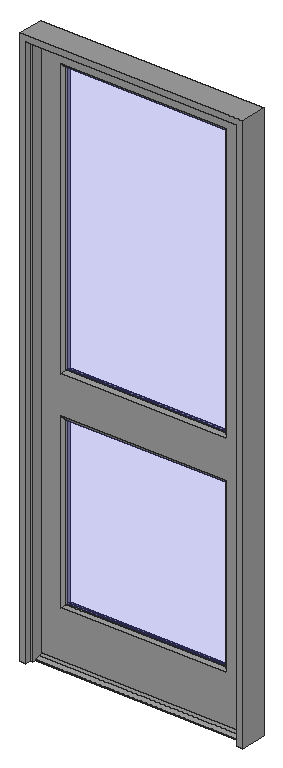
Revit family "MS-375 PIVOT DOOR-0.25-CW_v05", category Curtain Panels, Revit 2015
Parameters
  Width [instance] = 3' - 2"
  URL = "obe.com"
  Rough Width [instance] = 3' - 2"
  Panel Width [instance] = [Min-Max Panel Width]  # 3' - 0"
  Panel Offset [instance] = 0' - 0"
  Offset [instance] = 0' - 1"
  Model = "MS-375 DOOR"
  Min-Max Rough Width [instance] = if(and((Rough Width > 3' 1 255/256"), (Rough Width < 3' 8 1/256")), Rough Width, 3' 2")  # 3' - 2"
  Min-Max Panel Width [instance] = if(and((Rough Width > 3' 1 255/256"), (Rough Width < 3' 8 1/256")), Rough Width - 0' 2", 3' 0")  # 3' - 0"
  Manufacturer = "Oldcastle BuildingEnvelope®"
  Keynote = "08 11 00"
  Height [instance] = 8' - 0"
  Pushbar Height [instance] = 3' - 5 1/4"  # constant formula
  Glass Material = Glass
  Frame Material = Aluminum
  Door Panel Height [instance] = Height - 0' 0 19/32"  # 7' - 11 13/32"
  Description = "MS-375 - 1/4\" Door Infill"
  Assembly Code = "B2030"
  Analytic Construction = "<None>"
  8 Muntin [instance] = no
  6.5 Muntin [instance] = yes
  10 Bottom Rail [instance] = not([8 Bottom Rail])  # no
  4 Muntin [instance] = no
  8 Bottom Rail [instance] = yes
  1.875 Muntin [instance] = no
  0.5 Muntin [instance] = if(or([1.875 Muntin], [4 Muntin], [6.5 Muntin], [8 Muntin]), 1 = 2, 1 = 1)  # no
Reference planes (in)
  plane 1 "Front": y = 0
  plane 2: z = 0
  plane 3 "Center (Left/Right)": x = 0
  plane 4 "Left": x = -19
  plane 5 "Right": x = 19
  plane 6 "Top": z = 96
  plane 7 "Offset": y = -1
  plane 8: y = -2.28244
  plane 9: y = -2.28244
  plane 10: x = -19
  plane 11: x = 19
Forms (in)
  Sweep 1, solid, material "Aluminum" <- "Frame Material"
    path origin (0, -1, 0) x (-1, 0, 0) y (0, 0, 1)
      loop
        line (19, 0) -> (19, 96)
    profile origin (-19, -1, 48) x (1, 0, 0) y (0, 1, 0)
      loop
        line (1, -1.97) -> (1, 0) -> (0, 0) -> (0, -4.5) -> (1, -4.5) -> (1, -3.595) -> (1.5, -3.595) -> (1.5, -1.97) -> (1, -1.97)
  Sweep 2, solid, material "Aluminum" <- "Frame Material"
    path origin (0, -1, 0) x (-1, 0, 0) y (0, 0, 1)
      loop
        line (-19, 0) -> (-19, 96)
    profile origin (19, -1, 48) x (1, 0, 0) y (0, 1, 0)
      loop
        line (-1, -1.97) -> (-1.5, -1.97) -> (-1.5, -3.595) -> (-1, -3.595) -> (-1, -4.5) -> (0, -4.5) -> (0, 0) -> (-1, 0) -> (-1, -1.97)
  Extrusion 3, solid, material "Aluminum" <- "Frame Material"
    sketch origin (-19, 0, 0) x (0, -1, 0) y (0, 0, 1)
      loop
        line (2.97, 94.5) -> (4.595, 94.5) -> (4.595, 95) -> (5.5, 95) -> (5.5, 96) -> (1, 96) -> (1, 95) -> (2.97, 95) -> (2.97, 94.5)
    from -38 to 0
Cuts and joins
  joined: Sweep 1, Sweep 2, Extrusion 3
Text (in)
  text "Exterior" at (-54.29358, 31.38743, 0), in view "Ref. Level"
  text "Exterior" at (480, 41.53993, 89.60405), in view "Right"
  text "Exterior" at (-240, 57.82419, 105.78864), in view "Left"
Dimensions and locks (in)
  equal spacing: plane 4 "Left", plane 3 "Center (Left/Right)", plane 5 "Right"
  "Width": plane 4 "Left" to plane 5 "Right"
  "Height": plane 6 "Top" to plane 2
  "Offset": plane 1 "Front" to plane 7 "Offset"
  locked: plane 7 "Offset" to plane 8 at 1.28244
  locked: plane 7 "Offset" to plane 9 at 1.28244
  Extrusion 3 sketch curve to Extrusion 3 sketch curve to Extrusion 3 sketch curve = 0' - 0 1/2" locked, 0' - 0" locked
  locked: Extrusion 3 sketch curve to Extrusion 3 sketch curve at 1
  plane 7 "Offset" to Extrusion 3 sketch curve to Extrusion 3 sketch curve to Extrusion 3 sketch curve to Extrusion 3 sketch curve = 0' - 0" locked, 0' - 1.97" locked, 0' - 1 5/8" locked, 0' - 0.905" locked
  equal spacing: plane 10, plane 3 "Center (Left/Right)", plane 11
  "Min-Max Rough Width": plane 10 to plane 11
  aligned and locked: level to plane 2
  aligned and locked: plane 6 "Top" to Sweep 1 sketch curve
  aligned and locked: level to Sweep 1 sketch curve
  aligned and locked: plane 6 "Top" to Sweep 2 sketch curve
  aligned and locked: level to Sweep 2 sketch curve
  aligned and locked: Extrusion 3 to plane 6 "Top"
  aligned and locked: Extrusion 3 sketch curve to plane 6 "Top"
  aligned and locked: nested 1 to plane 7 "Offset"  (x2)
  aligned and locked: plane 3 "Center (Left/Right)" to nested 1
  aligned and locked: Sweep 1 sketch curve to plane 10
  aligned and locked: plane 11 to Sweep 2 sketch curve
  aligned and locked: cut or joined group of Sweep 1, Sweep 2, Extrusion 3 to plane 11
  aligned and locked: cut or joined group of Sweep 1, Sweep 2, Extrusion 3 to plane 10
Automatic sketch dimensions
  Sweep 1 sketch curve to profile plane = 0' - 0"
  Sweep 1 sketch curve to plane 7 "Offset" = 0' - 0"
  Sweep 1 sketch curve to profile plane = 0' - 1"  (x2)
  Sweep 1 sketch curve to Sweep 1 sketch curve = 0' - 0 1/2"
  Sweep 1 sketch curve to plane 7 "Offset" = 0' - 1.97"
  Sweep 1 sketch curve to Sweep 1 sketch curve = 0' - 1 5/8"
  Sweep 1 sketch curve to Sweep 1 sketch curve = 0' - 0.905"
  Sweep 2 sketch curve to plane 7 "Offset" = 0' - 0"
  Sweep 2 sketch curve to profile plane = 0' - 0"
  profile plane to Sweep 2 sketch curve = 0' - 1"  (x2)
  Sweep 2 sketch curve to Sweep 2 sketch curve = 0' - 0 1/2"
  Sweep 2 sketch curve to plane 7 "Offset" = 0' - 1.97"
  Sweep 2 sketch curve to Sweep 2 sketch curve = 0' - 1 5/8"
  Sweep 2 sketch curve to Sweep 2 sketch curve = 0' - 0.905"
Nested families (in)
  nested 1: "MS-375 PIVOT DOOR-0.25-Panel_v04" at (0, -17, 0), Frame Material <- "Frame Material", Glass Material <- "Glass Material", 0.5 Muntin <- "0.5 Muntin", 1.875 Muntin <- "1.875 Muntin", 4 Muntin <- "4 Muntin", 6.5 Muntin <- "6.5 Muntin", 8 Muntin <- "8 Muntin", Height <- "Door Panel Height", Width <- "Min-Max Panel Width", 8 Bottom Rail <- "8 Bottom Rail", type "MS-375 PIVOT DOOR-0.25-Panel_v04"
    with built-in parameter 1001301 3' - 0", Pushbar Height 3' - 5 1/4", Offset 0' - 0", built-in parameter 1001300 7' - 11 13/32", Glass at Muntin 0' - 7 1/16", Glass Material Glass, Frame Material Aluminum, Bottom Rail 0' - 8 31/32", 8 Muntin no, 8 Bottom Rail yes, 6.5 Muntin yes, 4 Muntin no, 1.875 Muntin no, 0.5 Muntin no
Definition of nested family "MS-375 PIVOT DOOR-0.25-Panel_v04"
  Parameters (values of type "MS-375 PIVOT DOOR-0.25-Panel_v04")
    Width [instance] = 3' - 6"
    Offset [instance] = 0' - 10 29/32"
    Height [instance] = 8' - 0"
    Glass at Muntin [instance] = if([8 Muntin], 0' 8 9/16", if([6.5 Muntin], 0' 7 1/16", if([4 Muntin], 0' 4 9/16", if([1.875 Muntin], 0' 2 109/256", 0' 1 1/16"))))  # 0' - 4 9/16"
    Pushbar Height [instance] = 3' - 5 1/4"  # constant formula
    Glass Material [instance] = none
    Frame Material [instance] = none
    Bottom Rail [instance] = if([8 Bottom Rail], 0' 8 31/32", 0' 10 31/32")  # 0' - 8 31/32"
    Analytic Construction = "<None>"
    8 Muntin [instance] = no
    6.5 Muntin [instance] = no
    4 Muntin [instance] = yes
    8 Bottom Rail [instance] = yes
    1.875 Muntin [instance] = no
    0.5 Muntin [instance] = if(or([1.875 Muntin], [4 Muntin], [6.5 Muntin], [8 Muntin]), 1 = 2, 1 = 1)  # no
  Reference planes (in)
    plane 1 "00": y = 4.09375
    plane 2: z = 0
    plane 3 "Center (Left/Right)": x = 0
    plane 4: z = 96
    plane 5: x = 21
    plane 6: x = -21
    plane 7 "Center (Front/Back)": y = 16
    plane 8 "Exterior": y = 4.21875
    plane 9: z = 48
    plane 10: z = 92.21875
    plane 11: x = -16.87021
    plane 12: x = 16.87979
    plane 13 "Offset": y = 5.09375
    plane 14: z = 92.18737
    plane 15: z = 8.96875
    plane 16: z = 38.96875
    plane 17: z = 43.53125
    plane 18: z = 43.75
    plane 19: z = 41.25
  Forms (in)
    Sweep 1, solid, material <- "Frame Material"
      path origin (0, 4.09375, 0) x (1, 0, 0) y (0, 0, 1)
        loop
          line (-20.79133, 96) -> (20.80204, 96)
      profile origin (0.00535, 4.09375, 96) x (0, 0, 1) y (0, -1, 0)
        loop
          line (-0.40642, -0.875) -> (-0.40642, 0.875) -> (-3.52736, 0.875) -> (-4.03142, 0.45204) -> (-4.03142, 0.125) -> (-3.81267, 0.125) -> (-3.81267, -0.125) -> (-4.03142, -0.125) -> (-4.03142, -0.45204) -> (-3.52736, -0.875) -> (-0.40642, -0.875)
    Extrusion 2, solid, material <- "Glass Material"
      sketch origin (0, 0, 0) x (0, 1, 0) y (0, 0, 1)
        loop
          line (4.21875, 38.96875) -> (3.96875, 38.96875) -> (3.96875, 8.96875) -> (4.21875, 8.96875) -> (4.21875, 38.96875)
      from -16.87021 to 16.87979
    Sweep 3, solid, material <- "Frame Material"
      path origin (0, 4.09375, 0) x (1, 0, 0) y (0, 0, 1)
        loop
          line (20.80204, 0) -> (-20.79133, 0)
      profile origin (0.00535, 4.09375, 0) x (0, 0, -1) y (0, -1, 0)
        loop
          line (-8.68343, -0.875) -> (-0.6875, -0.875) -> (-0.6875, 0.875) -> (-8.68343, 0.875) -> (-9.1875, 0.45204) -> (-9.1875, 0.125) -> (-8.96875, 0.125) -> (-8.96875, -0.125) -> (-9.1875, -0.125) -> (-9.1875, -0.45204) -> (-8.68343, -0.875)
    Sweep 4, solid, material <- "Frame Material"
      path origin (0, 4.09375, 0) x (1, 0, 0) y (0, 0, 1)
        loop
          line (21, 95.59358) -> (21, 0.6875)
      profile origin (21, 4.09375, 48.14054) x (0, -1, 0) y (1, 0, 0)
        loop
          line (0.875, -0.19796) -> (-0.875, -0.08896) -> (-0.875, -0.19938) -> (-0.875, -3.83489) -> (-0.45204, -4.33896) -> (-0.125, -4.33896) -> (-0.125, -4.12021) -> (0.125, -4.12021) -> (0.125, -4.33896) -> (0.45204, -4.33896) -> (0.875, -3.83489) -> (0.875, -0.19796)
    Sweep 5, solid, material <- "Frame Material"
      path origin (0, 4.09375, 0) x (1, 0, 0) y (0, 0, 1)
        loop
          line (-21, 95.59358) -> (-21, 0.6875)
      profile origin (-21, 4.09375, 48.14054) x (0, -1, 0) y (1, 0, 0)
        loop
          line (-0.875, 0.09967) -> (0.875, 0.20867) -> (0.875, 3.84447) -> (0.45204, 4.34854) -> (0.125, 4.34854) -> (0.125, 4.12979) -> (-0.125, 4.12979) -> (-0.125, 4.34854) -> (-0.45204, 4.34854) -> (-0.875, 3.84447) -> (-0.875, 0.09967)
    Extrusion 6, solid, material <- "Glass Material"
      sketch origin (0, 0, 0) x (0, 1, 0) y (0, 0, 1)
        loop
          line (3.96875, 92.18738) -> (3.96875, 43.53125) -> (4.21875, 43.53125) -> (4.21875, 92.18738) -> (3.96875, 92.18738)
      from -16.87021 to 16.87979
    Sweep 7, solid, material <- "Frame Material"
      path origin (0, 4.09375, 0) x (1, 0, 0) y (0, 0, 1)
        loop
          line (20.80204, 48) -> (-20.79133, 48)
      profile origin (0.00535, 4.09375, 48) x (0, 0, -1) y (0, -1, 0)
        loop
          line (4.24414, 0.45204) -> (4.24414, 0.125) -> (4.46875, 0.125) -> (4.46875, -0.125) -> (4.24414, -0.125) -> (4.24414, -0.45204) -> (4.75407, -0.875) -> (8.74593, -0.875) -> (9.25, -0.45204) -> (9.25, -0.125) -> (9.03125, -0.125) -> (9.03125, 0.125) -> (9.25, 0.125) -> (9.25, 0.45204) -> (8.74593, 0.875) -> (4.75407, 0.875) -> (4.24414, 0.45204)
    Sweep 8, solid, material <- "Frame Material"
      path origin (0, 5.09375, 0) x (1, 0, 0) y (0, 0, 1)
        loop
          line (-20.79133, 0) -> (20.80167, 0)
      profile origin (0.00517, 5.09375, 0) x (0, 0, 1) y (0, -1, 0)
        loop
          line (0.5, 2.468) -> (0.19364, 3.125) -> (0, 3.125) -> (0, -0.875) -> (0.19364, -0.875) -> (0.5, -0.218) -> (0.5, 2.468)
  Cuts and joins
    joined: Sweep 1, Sweep 3, Sweep 4, Sweep 5, Sweep 7
  Lines and regions (in)
    model lines
      curve 1: line (16.87979, 4.21875, 92.21875) -> (-16.87021, 4.21875, 48)
      curve 2: line (-16.87021, 4.21875, 48) -> (16.87979, 4.21875, 8.96875)
  Dimensions and locks (in)
    "Height": plane 4 to level
    "Width": plane 6 to plane 5
    Extrusion 2 sketch curve to plane 1 "00" to Extrusion 2 sketch curve = 0' - 0 1/8" locked, 0' - 0 1/8" locked
    "Bottom Rail": Extrusion 2 sketch curve to level
    locked: plane 12 to plane 5 at 4.12021
    locked: plane 6 to plane 11 at 4.12979
    "Offset": plane 13 "Offset" to plane 7 "Center (Front/Back)"
    plane 1 "00" to plane 8 "Exterior" to plane 13 "Offset" = 0' - 0 1/8", 0' - 0 7/8"
    equal spacing: level, plane 9, plane 4
    locked: Sweep 3 sketch curve to plane 6 at 0.20867
    locked: plane 5 to Sweep 3 sketch curve at 0.19796
    locked: Sweep 4 sketch curve to plane 4 at 0.40642
    locked: Sweep 5 sketch curve to plane 4 at 0.40642
    locked: Sweep 1 sketch curve to plane 6 at 0.20867
    locked: plane 5 to Sweep 1 sketch curve at 0.19796
    Sweep 3 sketch curve to Sweep 3 sketch curve to Sweep 3 sketch curve to Sweep 3 sketch curve to Sweep 3 sketch curve = 0' - 0" locked, 0' - 0 7/32" locked, 0' - 0.28532" locked, 0' - 0" locked
    Extrusion 6 sketch curve to plane 1 "00" to Extrusion 6 sketch curve = 0' - 0 1/8" locked, 0' - 0 1/8" locked
    locked: plane 5 to Sweep 7 sketch curve at 0.19796
    locked: Sweep 7 sketch curve to plane 6 at 0.20867
    Sweep 7 sketch curve to Sweep 7 sketch curve to Sweep 7 sketch curve = 0' - 0.28532" locked, 0' - 0" locked
    Sweep 7 sketch curve to Sweep 7 sketch curve to Sweep 7 sketch curve to Sweep 7 sketch curve to Sweep 7 sketch curve = 0' - 0" locked, 0' - 0.28532" locked, 0' - 0 7/32" locked, 0' - 0" locked
    locked: plane 10 to plane 4 at 3.78125
    equal spacing: plane 6, plane 3 "Center (Left/Right)", plane 5
    locked: plane 14 to plane 4 at 3.81262
    "Bottom Rail": plane 15 to plane 2
    locked: plane 17 to plane 18 at 0.21875
    "Glass at Muntin": plane 16 to plane 17
    equal spacing: plane 16, plane 19, plane 17
    "Pushbar Height": plane 2 to plane 19
    locked: plane 5 to Sweep 8 sketch curve at 0.19833
    locked: Sweep 8 sketch curve to plane 6 at 0.20867
    locked: Sweep 5 sketch curve to plane 2 at 0.6875
    locked: Sweep 4 sketch curve to plane 2 at 0.6875
    aligned and locked: plane 2 to level
    aligned and locked: Sweep 1 sketch curve to plane 4
    aligned and locked: Sweep 3 sketch curve to level
    aligned and locked: plane 5 to Sweep 4 sketch curve
    aligned and locked: plane 6 to Sweep 5 sketch curve
    aligned and locked: Sweep 7 sketch curve to plane 9
    aligned and locked: Extrusion 6 to plane 11
    aligned and locked: plane 12 to Extrusion 6
    aligned and locked: Extrusion 2 to plane 11
    aligned and locked: plane 12 to Extrusion 2
    aligned and locked: plane 11 to cut or joined group of Sweep 1, Sweep 3, Sweep 4, Sweep 5, Sweep 7
    aligned and locked: Extrusion 2 to curve 2
    aligned and locked: plane 9 to curve 2
    aligned and locked: Extrusion 6 to curve 2
    aligned and locked: Extrusion 6 to plane 14
    aligned and locked: plane 15 to Sweep 3 sketch curve
    aligned and locked: Extrusion 2 to plane 16
    aligned and locked: plane 17 to Extrusion 6
    aligned and locked: Sweep 7 sketch curve to plane 16
    aligned and locked: Sweep 7 sketch curve to plane 17
    aligned and locked: Sweep 8 sketch curve to plane 2
  Automatic sketch dimensions
    plane 1 "00" to Sweep 1 sketch curve = 0' - 0 1/8"
    profile plane to Sweep 1 sketch curve = 0' - 4.03142"
    Sweep 1 sketch curve to plane 1 "00" = 0' - 0.45204"
    Sweep 1 sketch curve to Sweep 1 sketch curve = 0' - 0"
    Sweep 1 sketch curve to Sweep 1 sketch curve = 0' - 0 7/32"
    plane 1 "00" to Sweep 1 sketch curve = 0' - 0 7/8"
    Sweep 1 sketch curve to Sweep 1 sketch curve = 0' - 0.50407"  (x2)
    profile plane to Sweep 1 sketch curve = 0' - 0.40642"
    Sweep 1 sketch curve to plane 1 "00" = 0' - 0 7/8"
    Sweep 1 sketch curve to plane 1 "00" = 0' - 0 1/8"
    Sweep 1 sketch curve to Sweep 1 sketch curve = 0' - 0.32704"
    profile plane to Sweep 3 sketch curve = 0' - 0 11/16"
    Sweep 3 sketch curve to plane 1 "00" = 0' - 0 7/8"
    Sweep 3 sketch curve to plane 1 "00" = 0' - 0.45204"
    Sweep 3 sketch curve to plane 1 "00" = 0' - 0 1/8"
    plane 1 "00" to Sweep 3 sketch curve = 0' - 0 1/8"
    Sweep 3 sketch curve to Sweep 3 sketch curve = 0' - 0.32704"
    Sweep 3 sketch curve to Sweep 3 sketch curve = 0' - 0.42296"
    profile plane to Sweep 4 sketch curve = 0' - 0.19938"
    Sweep 4 sketch curve to plane 1 "00" = 0' - 0 7/8"
    Sweep 4 sketch curve to plane 1 "00" = 0' - 0.45204"
    Sweep 4 sketch curve to plane 1 "00" = 0' - 0 1/8"
    plane 1 "00" to Sweep 4 sketch curve = 0' - 0 1/8"
    Sweep 4 sketch curve to Sweep 4 sketch curve = 0' - 0.32704"
    Sweep 4 sketch curve to Sweep 4 sketch curve = 0' - 0.42296"
    Sweep 4 sketch curve to Sweep 4 sketch curve = 0' - 3.63551"
    Sweep 4 sketch curve to Sweep 4 sketch curve = 0' - 0"
    Sweep 4 sketch curve to Sweep 4 sketch curve = 0' - 0.28532"
    Sweep 4 sketch curve to Sweep 4 sketch curve = 0' - 0 7/32"  (x2)
    profile plane to Sweep 4 sketch curve = 0' - 0.19796"
    profile plane to Sweep 4 sketch curve = 0' - 0.08896"
    Sweep 5 sketch curve to profile plane = 0' - 0.09967"
    Sweep 5 sketch curve to plane 1 "00" = 0' - 0 7/8"
    Sweep 5 sketch curve to plane 1 "00" = 0' - 0.45204"
    Sweep 5 sketch curve to plane 1 "00" = 0' - 0 1/8"
    plane 1 "00" to Sweep 5 sketch curve = 0' - 0 1/8"
    Sweep 5 sketch curve to Sweep 5 sketch curve = 0' - 0.32704"
    Sweep 5 sketch curve to Sweep 5 sketch curve = 0' - 0.42296"
    Sweep 5 sketch curve to profile plane = 0' - 0.20867"
    Sweep 5 sketch curve to Sweep 5 sketch curve = 0' - 3.6358"
    Sweep 5 sketch curve to Sweep 5 sketch curve = 0' - 0"
    Sweep 5 sketch curve to Sweep 5 sketch curve = 0' - 0.28532"
    Sweep 5 sketch curve to Sweep 5 sketch curve = 0' - 0 7/32"  (x2)
    plane 17 to Extrusion 6 sketch curve = 0' - 0"
    plane 14 to Extrusion 6 sketch curve = 0' - 0"
    Sweep 7 sketch curve to Sweep 7 sketch curve = 0' - 0.22461"  (x2)
    Sweep 7 sketch curve to plane 1 "00" = 0' - 0 7/8"
    Sweep 7 sketch curve to plane 1 "00" = 0' - 0.45204"  (x2)
    Sweep 7 sketch curve to plane 1 "00" = 0' - 0 1/8"  (x2)
    plane 1 "00" to Sweep 7 sketch curve = 0' - 0 1/8"  (x2)
    Sweep 7 sketch curve to Sweep 7 sketch curve = 0' - 0.32704"  (x2)
    Sweep 7 sketch curve to Sweep 7 sketch curve = 0' - 0.42296"
    curve 1 to plane 14 = 0' - 0.03138"
    profile plane to Sweep 8 sketch curve = 0' - 0"
    Sweep 8 sketch curve to Sweep 8 sketch curve = 0' - 0.19364"  (x2)
    Sweep 8 sketch curve to profile plane = 0' - 0 1/2"
    Sweep 8 sketch curve to plane 13 "Offset" = 0' - 0 7/8"
    Sweep 8 sketch curve to plane 13 "Offset" = 0' - 0.218"
    plane 13 "Offset" to Sweep 8 sketch curve = 0' - 2.468"
    Sweep 8 sketch curve to Sweep 8 sketch curve = 0' - 0.657"
    curve 2 to plane 12 = 0' - 0"
    curve 1 to plane 12 = 0' - 0"
    plane 16 to Extrusion 2 sketch curve = 0' - 0"
